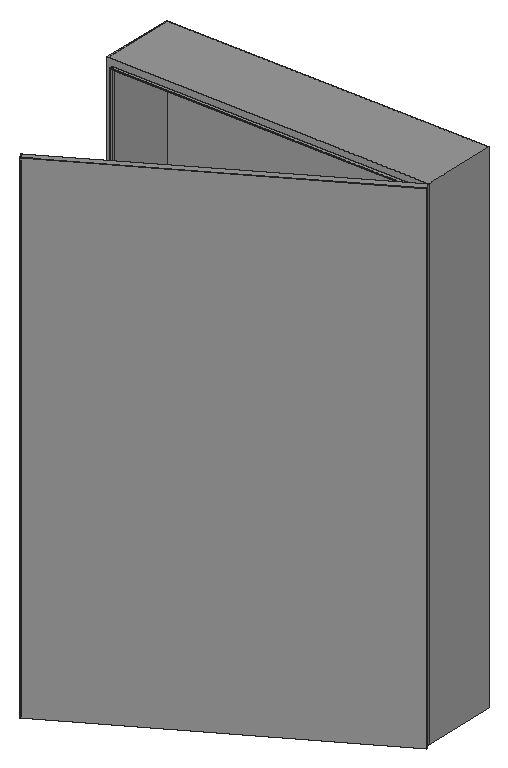
Revit family "Hager-Univers-IP44-D205-H1250-Cl.II-Encl-NoHosted-DE-de", category Equipement électrique, Revit 2020
Family settings
  Configuration du panneau = Deux colonnes, circuits au sein
  Cote de connecteur circulaire = Utiliser le diamètre
  Type d'élément = Tableau de raccordement
  Basée sur le plan de construction = Oui
  Toujours verticalement = Oui
  Couper avec des vides une fois chargée = Non
  Partagée = Non
  Point de calcul de pièce = Non
Parameters (values of type "Aufputz IP44 B800 H1250 T205  - FP83SN2")
  Width Control [instance] = if([EF000008 - Breite] > Min Width, [EF000008 - Breite], Min Width)  # 800 mm
  Commentaires du type = [HG000003 - Bereich]  # "Univers"
  Thickness Door [instance] = if([EF009171 - Materialstärke Tür/Deckel] > 3 mm, 3 mm, [EF009171 - Materialstärke Tür/Deckel])  # 1 mm
  Seal Frame Offset [instance] = 17 mm  # constant formula
  Plinth Visibility [instance] = [HG000027 - Sockelhöhe] > 0 mm  # no
  Min Width [instance] = 100 mm  # constant formula
  Min Depth [instance] = (2 * [EF009170 - Materialstärke Gehäuse]) + 1 mm  # 3 mm
  Min Height [instance] = 100 mm  # constant formula
  Internal Frame Depth [instance] = (Door System Depth * 0.5)  # 9 mm
  Panel Name [instance] = ""  # (empty or 0)
  Model = ""
  HG000027 - Sockelhöhe = 0 mm
  HG000026 - Stehend auf dem Boden = no
  HG000024 - Höhe des unteren Teils = 600 mm
  HG000023 - Gehäuse mit doppeltem Querschnitt = no
  HG000016 - 3D-Türsichtbarkeit [instance] = yes
  HG000015 - Sichtbarkeit der Türöffnung [instance] = no
  HG000014 - Tür rechts [instance] = yes
  HG000013 - Tür links [instance] = not([HG000014 - Tür rechts])  # no
  HG000012 - Türschwenkwinkel [instance] = 30.00°
  HG000010 - Asymmetrische Türen = no
  HG000009 - Doppelflügeligen Tür = no
  HG000006 - Unterputz = no
  HG000004 - Herstellerreferenz = "FP83SN2"
  HG000003 - Bereich = "Univers"
  HG000002 - Mit tür = yes
  Frame Offset Bottom [instance] = 10 mm  # constant formula
  Frame Offset [instance] = 15 mm  # constant formula
  EF015940 - Deckel mit Überdruckentlastung = no
  EF011959 - Schutzart (NEMA) = ""
  EF009554 - Anzahl der Öffnungen für Flanschplatten = 6
  EF009212 - Ausführung Deckel = "EV000116 - geschlossen"
  EF009171 - Materialstärke Tür/Deckel = 1 mm
  EF009170 - Materialstärke Gehäuse = 1 mm
  EF008873 - Nennstrom (In) = 250 A
  EF007800 - Geeignet für Blitzschutz = no
  EF006306 - Mit Schloss = no
  EF006244 - Transparenter Deckel/Tür = no
  EF005474 - Schutzart (IP) = "EV006418 - IP44"
  EF004464 - Art der Tür = "EV002646 - Einzel"
  EF004427 - Anzahl der Module = 288
  EF004293 - Schlagfestigkeit = "EV006815 - IK09"
  EF003532 - Geeignet für Außengebrauch = no
  EF002950 - Breite in Teilungseinheiten = 36
  EF001613 - Funktionserhalt = "EV000494 - ohne"
  EF001596 - Werkstoff des Gehäuses = "EV000179 - Stahl"
  EF001131 - Innentiefe = 130 mm
  EF001088 - Anbaumöglichkeit = yes
  EF000437 - Anzahl der Leitungseinführungen = 6
  EF000339 - Art der Abdeckung = "EV004216 - Tür"
  EF000266 - Anzahl der Reihen = 8
  EF000218 - Einbautiefe = 205 mm
  EF000118 - Mit Montageplatte = no
  EF000116 - RAL-Nummer = "9010"
  EF000049 - Tiefe = 205 mm
  EF000040 - Höhe = 1250 mm
  EF000008 - Breite = 800 mm
  EF000007 - Farbe = "EV000202 - weiß"
  EF000003 - Montageart = "EV000384 - Aufputz"
  Door System Leaf Tolerance [instance] = 1.5 mm  # constant formula
  Door System Depth [instance] = 18 mm  # constant formula
  Door Height [instance] = Height Control - [HG000027 - Sockelhöhe]  # 1250 mm
  Description = ""
  Default Elevation = 1219.2 mm
  Connector Offset [instance] = Height Control / 2  # 625 mm
  Fabricant = "Hager"  # constant formula
  Height Control [instance] = if([EF000040 - Höhe] > Min Height, [EF000040 - Höhe], Min Height)  # 1250 mm
  Depth Control [instance] = if([EF000049 - Tiefe] > Min Depth, [EF000049 - Tiefe], Min Depth)  # 205 mm
  Bottom Top Plate Trim [instance] = 1.5 mm  # constant formula
  Plinth height Ctrl [instance] = if([HG000027 - Sockelhöhe] > 0 mm, [HG000027 - Sockelhöhe], 12 mm)  # 12 mm
Types (5, lengths in mm): name | Width Control | HG000010 - Asymmetrische Türen | HG000009 - Doppelflügeligen Tür | HG000004 - Herstellerreferenz | EF009554 - Anzahl der Öffnungen für Flanschplatten | EF004464 - Art der Tür | EF004427 - Anzahl der Module | EF002950 - Breite in Teilungseinheiten | EF001131 - Innentiefe | EF000437 - Anzahl der Leitungseinführungen | EF000339 - Art der Abdeckung | EF000008 - Breite
  Aufputz IP44 B1050 H1250 T205  - FP84SN2 | 1050 | no | yes | "FP84SN2" | 8 | "EV003602 - Doppel" | 384 | 48 | 130 | 8 | "EV004216 - Tür" | 1050
  Aufputz IP44 B1300 H1250 T205  - FP85SN2 | 1300 | yes | yes | "FP85SN2" | 10 | "EV003602 - Doppel" | 480 | 60 | 130 | 10 | "EV004216 - Tür" | 1300
  Aufputz IP44 B300 H1250 T205  - FP81SN2 | 300 | no | no | "FP81SN2" | 2 | "EV002646 - Einzel" | 96 | 12 | 143 | 2 | "EV001012 - Deckel" | 300
  Aufputz IP44 B550 H1250 T205  - FP82SN2 | 550 | no | no | "FP82SN2" | 4 | "EV002646 - Einzel" | 192 | 24 | 143 | 4 | "EV001012 - Deckel" | 550
  Aufputz IP44 B800 H1250 T205  - FP83SN2 | 800 | no | no | "FP83SN2" | 6 | "EV002646 - Einzel" | 288 | 36 | 130 | 6 | "EV004216 - Tür" | 800
Reference planes
  plane 1 "Center (Front/Back)": y = 0
  plane 2: z = 0
  plane 3 "Center (Left/Right)": x = 0
  plane 4: y = 0
  plane 5: y = 0
  plane 6: z = 0
  plane 7: x = -400
  plane 8: x = 400
  plane 9: x = 399
  plane 10: x = -399
  plane 11: z = 0
  plane 12: z = 1
  plane 13: y = -205
  plane 14: y = -1
  plane 15: x = 0
  plane 16: y = -187
  plane 17: y = -204
  plane 18: y = -186
  plane 19: x = -384
  plane 20: x = 384
  plane 21: z = 11
  plane 22: x = -383
  plane 23: x = 383
  plane 24: z = 0
  plane 25: z = 1250
  plane 26: z = 1250
  plane 27: z = 1234
  plane 28: z = 1249
Forms (mm)
  Extrusion 1, solid, material "Hager_Steel_RAL7035_Light_Grey", detail levels medium+fine
    sketch origin (-208.679, -4572, 0) x (-1, 0, 0) y (0, -1, 0)
      loop
        line (191.321, -4385) -> (-608.679, -4385) -> (-608.679, -4572) -> (191.321, -4572) -> (191.321, -4385)
    from 0 to 1250
  Extrusion 2, void
    sketch origin (-350.771, -205, 1219.2) x (1, 0, 0) y (0, 0, 1)
      loop
        line (-48.229, 29.8) -> (-48.229, -1218.2) -> (749.771, -1218.2) -> (749.771, 29.8) -> (-48.229, 29.8)
    from -19 to -204
  Extrusion 3, void
    sketch origin (-290.084, -187, 1219.2) x (1, 0, 0) y (0, 0, 1)
      loop
        line (-93.916, -1208.2) -> (674.084, -1208.2) -> (674.084, 14.8) -> (-93.916, 14.8) -> (-93.916, -1208.2)
    from 0 to -1
  Extrusion 4, solid, material "Hager_Steel_RAL7035_Light_Grey", visible <- "Plinth Visibility", detail levels medium+fine
    sketch origin (0, 0, 0) x (1, 0, 0) y (0, 1, 0)
      loop
        line (-400, 0) -> (-400, -187) -> (400, -187) -> (400, 0) -> (-400, 0)
    from 0 to 12 <- "Plinth height Ctrl"
  Extrusion 5, solid, material "Hager_Steel_RAL7035_Light_Grey", detail levels coarse
    sketch origin (0, 0, 0) x (1, 0, 0) y (0, 1, 0)
      loop
        line (-400, 0) -> (-400, -205) -> (400, -205) -> (400, 0) -> (-400, 0)
    from 0 to 1250 <- "Height Control"
  Sweep 6, void
    path in 3D
      loop
        line (-400, -187, 12) -> (400, -187, 12) -> (400, 0, 12) -> (-400, 0, 12) -> (-400, -187, 12)
    profile origin (-400, -93.5, 12) x (1, 0, 0) y (0, 0, 1)
      loop
        line (0, 0) -> (0, -1.5) -> (1.5, -1.5)
        arc (1.5, -1.5) -> (1.061, -0.439) -> (0, 0) r 1.5
  Extrusion 7, solid, material "Hager_Steel_RAL7035_Light_Grey", detail levels fine
    sketch origin (-400, -187, 0) x (1, 0, 0) y (0, 0, 1)
      loop
        line (16, 11) -> (784, 11) -> (784, 1234) -> (16, 1234) -> (16, 11)
      loop
        line (15, 10) -> (785, 10) -> (785, 1235) -> (15, 1235) -> (15, 10)
    from 0 to 9 <- "Internal Frame Depth"
Cuts and joins
  Extrusion 2, Extrusion 3 cuts Extrusion 1
  Sweep 6 cuts Extrusion 4
Lines and regions (mm)
  Masking region 1
    outline origin (0, 0, 0) x (1, 0, 0) y (0, 1, 0)
      loop
        line (-400, 0) -> (-400, -205) -> (400, -205) -> (400, 0) -> (-400, 0)
  Masking region 2, detail levels coarse
    outline origin (-290.084, -187, 1219.2) x (-1, 0, 0) y (0, 0, 1)
      loop
        line (-690.084, -1219.2) -> (109.916, -1219.2) -> (109.916, 30.8) -> (-690.084, 30.8) -> (-690.084, -1219.2)
  Masking region 3, detail levels coarse
    outline origin (0, 0, 0) x (0, 1, 0) y (0, 0, 1)
      loop
        line (0, 0) -> (0, 1250) -> (-205, 1250) -> (-205, 0) -> (0, 0)
  Masking region 4, visible <- "Plinth Visibility", detail levels medium+fine
    outline origin (0, 0, 0) x (0, 1, 0) y (0, 0, 1)
      loop
        line (-1.5, 12) -> (-185.5, 12)
        arc (-185.5, 12) -> (-185.939, 10.939) -> (-187, 10.5) r 1.5
        line (-187, 10.5) -> (-187, 0) -> (0, 0) -> (0, 10.5)
        arc (0, 10.5) -> (-1.061, 10.939) -> (-1.5, 12) r 1.5
  Masking region 5, detail levels medium+fine
    outline origin (0, 0, 594.038) x (0, 1, 0) y (0, 0, 1)
      loop
        line (0, -594.038) -> (0, 655.962) -> (-187, 655.962) -> (-187, -594.038) -> (0, -594.038)
  Masking region 6, detail levels medium+fine
    outline origin (-359.7, -187, 1211.883) x (-1, 0, 0) y (0, 0, 1)
      loop
        line (-759.7, -1211.883) -> (40.3, -1211.883) -> (40.3, 38.117) -> (-759.7, 38.117) -> (-759.7, -1211.883)
  Masking region 7, visible <- "Plinth Visibility", detail levels medium+fine
    outline origin (-320.334, -187, 1041.368) x (-1, 0, 0) y (0, 0, 1)
      loop
        line (-720.334, -1041.368) -> (79.666, -1041.368) -> (79.666, -1030.868)
        arc (79.666, -1030.868) -> (78.606, -1030.429) -> (78.166, -1029.368) r 1.5
        line (78.166, -1029.368) -> (-718.834, -1029.368)
        arc (-718.834, -1029.368) -> (-719.273, -1030.429) -> (-720.334, -1030.868) r 1.5
        line (-720.334, -1030.868) -> (-720.334, -1041.368)
  sketch lines
    curve 1: line (-400, 0, 12) -> (-400, -187, 12)
    curve 2: line (-400, -187, 12) -> (400, -187, 12)
    curve 3: line (400, 0, 12) -> (-400, 0, 12)
    curve 4: line (400, -187, 12) -> (400, 0, 12)
Dimensions and locks
  locked: plane 1 "Center (Front/Back)" to plane 5
  "EF009170 - Materialstärke Gehäuse": plane 7 to plane 10
  "EF009170 - Materialstärke Gehäuse": plane 8 to plane 9
  equal spacing: plane 7, plane 3 "Center (Left/Right)", plane 8
  "Width Control": plane 7 to plane 8
  "Depth Control": plane 4 to plane 13
  "EF009170 - Materialstärke Gehäuse": plane 4 to plane 14
  "Height Control": plane 25 to level
  "HG000027 - Sockelhöhe": plane 11 to level
  "EF009170 - Materialstärke Gehäuse": plane 12 to plane 11
  "EF009170 - Materialstärke Gehäuse": plane 17 to plane 13
  "EF009170 - Materialstärke Gehäuse": plane 18 to plane 16
  "Frame Offset Bottom": plane 21 to plane 12
  "Frame Offset": plane 10 to plane 19
  "Frame Offset": plane 9 to plane 20
  "Door System Depth": plane 16 to plane 13
  "Seal Frame Offset": plane 7 to plane 22
  "Seal Frame Offset": plane 8 to plane 23
  "EF009170 - Materialstärke Gehäuse": plane 26 to plane 28
  "Frame Offset": plane 28 to plane 27
  "Connector Offset": plane 2 to connector elem
  "Bottom Top Plate Trim": profile plane to Sweep 6 sketch curve
  "Bottom Top Plate Trim": Sweep 6 sketch curve to Sweep 6 sketch curve
  "Plinth height Ctrl": Masking region 4 sketch curve to level
  "Plinth height Ctrl": Masking region 7 sketch curve to level
  "Thickness Door": Extrusion 7 sketch curve to Extrusion 7 sketch curve  (x4)
  "Bottom Top Plate Trim": radius of Sweep 6 sketch curve
  "Bottom Top Plate Trim": radius of Masking region 4 sketch curve  (x2)
  "Bottom Top Plate Trim": radius of Masking region 7 sketch curve  (x2)
  aligned and locked: Extrusion 2 sketch curve to plane 12
  aligned and locked: Extrusion 2 sketch curve to plane 9
  aligned and locked: Extrusion 2 sketch curve to plane 10
  aligned and locked: Extrusion 2 to plane 14
  aligned and locked: Extrusion 1 sketch curve to plane 4
  aligned and locked: plane 8 to Extrusion 1 sketch curve
  aligned and locked: plane 7 to Extrusion 1 sketch curve
  aligned and locked: Extrusion 2 to plane 18
  aligned and locked: Extrusion 3 sketch curve to plane 19
  aligned and locked: plane 20 to Extrusion 3 sketch curve
  aligned and locked: Extrusion 3 to Extrusion 2
  aligned and locked: Extrusion 3 sketch curve to plane 21
  aligned and locked: plane 3 "Center (Left/Right)" to nested 1
  aligned and locked: Extrusion 1 sketch curve to plane 16
  aligned and locked: Extrusion 4 sketch curve to cut or joined group of Extrusion 1, Extrusion 2, Extrusion 3
  aligned and locked: Masking region 1 sketch curve to plane 7
  aligned and locked: Masking region 1 sketch curve to plane 5
  aligned and locked: Masking region 1 sketch curve to plane 8
  aligned and locked: Masking region 2 sketch curve to level
  aligned and locked: level to Masking region 3 sketch curve
  aligned and locked: plane 1 "Center (Front/Back)" to Masking region 3 sketch curve
  aligned and locked: plane 13 to Masking region 3 sketch curve
  aligned and locked: plane 5 to Masking region 4 sketch curve
  aligned and locked: Masking region 2 sketch curve to plane 8
  aligned and locked: Masking region 2 sketch curve to plane 7
  aligned and locked: plane 7 to nested 2
  aligned and locked: nested 2 to plane 5
  aligned and locked: plane 5 to Masking region 5 sketch curve
  aligned and locked: plane 26 to Masking region 5 sketch curve
  aligned and locked: Extrusion 5 sketch curve to plane 8
  aligned and locked: Extrusion 5 sketch curve to plane 7
  aligned and locked: Extrusion 5 sketch curve to plane 5
  aligned and locked: Extrusion 3 sketch curve to plane 27
  aligned and locked: Extrusion 2 sketch curve to plane 28
  aligned and locked: Masking region 2 to plane 25
  aligned and locked: Extrusion 4 to plane 16
  aligned and locked: profile plane to Sweep 6 sketch curve
  aligned and locked: Masking region 5 sketch curve to plane 24
  aligned and locked: level to Masking region 4 sketch curve
  aligned and locked: Masking region 1 to plane 13
  aligned and locked: nested 1 to plane 16
  aligned and locked: Masking region 3 to plane 25
  aligned and locked: plane 16 to Masking region 4 sketch curve
  aligned and locked: Masking region 5 sketch curve to plane 16
  aligned and locked: plane 24 to plane 11
  aligned and locked: plane 26 to plane 25
  aligned and locked: plane 26 to cut or joined group of Extrusion 1, Extrusion 2, Extrusion 3
  aligned and locked: nested 1 to plane 24
  aligned and locked: Extrusion 1 to Extrusion 3
  aligned and locked: Masking region 6 sketch curve to plane 8
  aligned and locked: Masking region 6 sketch curve to plane 24
  aligned and locked: Masking region 6 sketch curve to plane 7
  aligned and locked: Masking region 6 sketch curve to plane 26
  aligned and locked: Masking region 7 sketch curve to plane 7
  aligned and locked: level to Masking region 7 sketch curve
  aligned and locked: Masking region 7 sketch curve to plane 8
  aligned and locked: Extrusion 7 sketch curve to cut or joined group of Extrusion 1, Extrusion 2, Extrusion 3  (x4)
Automatic sketch dimensions
  plane 19 to Extrusion 3 sketch curve = 0 mm
  Extrusion 3 sketch curve to plane 20 = 0 mm
  Extrusion 3 sketch curve to plane 21 = 0 mm
  Extrusion 4 sketch curve to plane 7 = 0 mm
  Extrusion 4 sketch curve to plane 8 = 0 mm
  Extrusion 4 sketch curve to plane 16 = 0 mm
  Masking region 1 sketch curve to plane 13 = 0 mm
  Masking region 2 sketch curve to plane 25 = 0 mm
  Masking region 3 sketch curve to plane 25 = 0 mm
  Extrusion 5 sketch curve to plane 13 = 0 mm
  profile plane to Sweep 6 sketch curve = 0 mm
Nested families
  nested 1: "EC000058_Univers_Door" at (0, -187, 0), Double <- "HG000009 - Doppelflügeligen Tür", Transparent <- "EF006244 - Transparenter Deckel/Tür", Angle <- "HG000012 - Türschwenkwinkel", Door_Right <- "HG000014 - Tür rechts", Assymetrical <- "HG000010 - Asymmetrische Türen", Door <- "HG000002 - Mit tür", Width_Ctrl <- "Width Control", 3d_Door <- "HG000016 - 3D-Türsichtbarkeit", Clearance <- "HG000015 - Sichtbarkeit der Türöffnung", Door_Left <- "HG000013 - Tür links", Width <- "Width Control", Door_Depth <- "Door System Depth", Leaf_Tolerance <- "Door System Leaf Tolerance", Height <- "Door Height", Lock_Visibility <- "EF006306 - Mit Schloss", Thickness <- "Thickness Door", type "EC000058_Univers_Door", detail levels medium+fine
    with min_wh 3 mm, Width_Ctrl 800 mm, Width 800 mm, Transparent no, Thickness 1 mm, Seal_Material Hager_Rubber, Lock_Visibility no, Lock_Material Hager_Plastic_RAL9005_Jet_Black, Leaf_Width 800 mm, Leaf_Tolerance_External_Sides 0 mm, Leaf_Tolerance 1.5 mm, Leaf_Offset 0 mm, Leaf_Height 1247 mm, Leaf_2_Width 800 mm, Leaf_2_Offset 400 mm, Leaf_1_Width 800 mm, Leaf_1_Offset 400 mm, Height_Ctrl 1250 mm, Height 1250 mm, Glass_Material Hager_Glass, Double_Clearance_Ctrl no, Double no, Door_Right_Ctrl yes, Door_Right yes, Door_Material Hager_Steel_RAL7035_Light_Grey, Door_Left_Ctrl no, Door_Left no, Door_Depth 18 mm, Door yes, Clearance_Material Hager_Clearance, Clearance_Depth 800 mm, Clearance_Ctrl no, Clearance no, Assymetrical no, Angle 30.00°, 3d_Door yes
  nested 2: "Hager_Enclosure_Symbol" at (-400, 0, 0), Height <- "Depth Control", Width <- "Width Control", type "Hager_Enclosure_Symbol"
    with Width_Ctrl 800 mm, Width 800 mm, Height_Ctrl 205 mm, Height 205 mm, A_Width_Int 13.453 mm, A_Width 161.438 mm, A_Height_Ctrl 179.375 mm, A_Height 179.375 mm
Connectors
  electrical at (0, 0, 625)
    settings: on plane 1 "Center (Front/Back)", index 1, voltage 0 V, apparent load 0 VA, apparent load phase1 0 VA, apparent load phase2 0 VA, apparent load phase3 0 VA, power factor 1, load classification "Other", number of poles 1, system type 30, power factor state 1, is connector primary yes, connector utility no, sub classification motor no, connector description ""
Definition of nested family "EC000058_Univers_Door"
  Parameters (values of type "EC000058_Univers_Door")
    min_wh [instance] = (2 * Thickness) + 1 mm  # 11 mm
    Width_Ctrl [instance] = 400 mm
    Width [instance] = 500 mm
    Transparent [instance] = yes
    Thickness [instance] = 5 mm
    Seal_Material [instance] = none
    Lock_Visibility [instance] = yes
    Lock_Material [instance] = none
    Leaf_Width [instance] = if((Width_Ctrl - 2 * Leaf_Tolerance_External_Sides) > 0 mm, (Width_Ctrl - 2 * Leaf_Tolerance_External_Sides), min_wh)  # 400 mm
    Leaf_Tolerance_External_Sides [instance] = 0 mm  # constant formula
    Leaf_Tolerance [instance] = 1.5 mm
    Leaf_Offset [instance] = 0 mm  # constant formula
    Leaf_Height [instance] = if((Height_Ctrl - 2 * Leaf_Tolerance) > 0 mm, (Height_Ctrl - 2 * Leaf_Tolerance), min_wh)  # 497 mm
    Leaf_2_Width [instance] = if(and(and(Double, Assymetrical), Door_Left), (Leaf_Width / 3) - (Leaf_Tolerance / 2), if(and(and(Double, Assymetrical), Door_Right), (Leaf_Width / 3) * 2 - (Leaf_Tolerance / 2), if(and(Double, not(Assymetrical)), (Leaf_Width / 2) - Leaf_Tolerance, Leaf_Width)))  # 400 mm
    Leaf_2_Offset [instance] = if(and(Double, Assymetrical), Leaf_2_Width / 2, if(and(Double, not(Assymetrical)), Leaf_Width / 4, Leaf_Width / 2))  # 200 mm
    Leaf_1_Width [instance] = if(and(and(Double, Assymetrical), Door_Right), (Leaf_Width / 3) - (Leaf_Tolerance / 2), if(and(and(Double, Assymetrical), Door_Left), (Width / 3) * 2 - (Leaf_Tolerance / 2), if(and(Double, not(Assymetrical)), (Leaf_Width / 2) - Leaf_Tolerance, Leaf_Width)))  # 400 mm
    Leaf_1_Offset [instance] = if(and(Double, Assymetrical), Leaf_1_Width / 2, if(and(Double, not(Assymetrical)), Leaf_Width / 4, Leaf_Width / 2))  # 200 mm
    Height_Ctrl [instance] = if(Height > min_wh, Height, min_wh)  # 500 mm
    Height [instance] = 500 mm
    Glass_Material [instance] = none
    Double_Clearance_Ctrl [instance] = and(Double, Clearance)  # no
    Double [instance] = no
    Door_Right_Ctrl [instance] = and(or(Door_Right, Double), Door)  # yes
    Door_Right [instance] = yes
    Door_Material [instance] = none
    Door_Left_Ctrl [instance] = and(or(Door_Left, Double), Door)  # no
    Door_Left [instance] = no
    Door_Depth [instance] = 30 mm
    Door [instance] = yes
    Default Elevation = 1219.2 mm
    Clearance_Material [instance] = none
    Clearance_Depth [instance] = if(Leaf_1_Width > Leaf_2_Width, Leaf_1_Width, Leaf_2_Width)  # 400 mm
    Clearance_Ctrl [instance] = and(not(Double), Clearance)  # yes
    Clearance [instance] = yes
    Assymetrical [instance] = yes
    Angle [instance] = 30.00°
    3d_Door [instance] = yes
  Reference planes
    plane 1 "Center (Front/Back)": y = 0
    plane 2 "Bottom": z = 0
    plane 3 "Center (Left/Right)": x = 0
    plane 4: z = 500
    plane 5: x = -200
    plane 6: x = 200
    plane 7: z = 500
    plane 8: x = -200
    plane 9: z = 0
    plane 10: x = 200
    plane 11: y = 0
    plane 12: z = 1.5
    plane 13: x = -600
    plane 14: y = -400
    plane 15: x = 600
    plane 16: x = 0
    plane 17: x = 0
    plane 18: x = -200
    plane 19: x = 200
    plane 20: z = 498.5
  Forms (mm)
    Extrusion 1, solid, material <- "Clearance_Material", visible <- "Double_Clearance_Ctrl"
      sketch origin (1200, 0, 0) x (1, 0, 0) y (0, 0, -1)
        loop
          line (-1800, -498.5) -> (-600, -498.5) -> (-600, 0) -> (-1800, 0) -> (-1800, -498.5)
      from 0 to -400
  Dimensions and locks
    equal spacing: plane 5, plane 3 "Center (Left/Right)", plane 6
    "Width_Ctrl": plane 5 to plane 6
    "Leaf_Offset": plane 5 to plane 8
    "Leaf_Offset": plane 6 to plane 10
    "Leaf_Offset": plane 9 to level
    "Leaf_Offset": plane 4 to plane 7
    "Height_Ctrl": plane 4 to level
    "Leaf_Tolerance": plane 12 to plane 9
    locked: plane 11 to plane 1 "Center (Front/Back)"
    "Leaf_1_Offset": plane 18 to plane 16
    "Leaf_2_Offset": plane 17 to plane 19
    "Leaf_1_Width": plane 13 to plane 8
    "Leaf_2_Width": plane 10 to plane 15
    "Clearance_Depth": plane 14 to plane 1 "Center (Front/Back)"
    "Leaf_Tolerance_External_Sides": plane 8 to plane 18
    "Leaf_Tolerance_External_Sides": plane 19 to plane 10
    "Leaf_Tolerance": plane 7 to plane 20
    aligned and locked: level to plane 2 "Bottom"
    aligned and locked: nested 1 to plane 16
    aligned and locked: nested 2 to plane 17
    aligned and locked: Extrusion 1 to plane 13
    aligned and locked: plane 15 to Extrusion 1
    aligned and locked: Extrusion 1 to plane 14
    aligned and locked: plane 12 to nested 1
    aligned and locked: nested 2 to plane 12
    aligned and locked: Extrusion 1 to plane 11
    aligned and locked: plane 20 to Extrusion 1
    aligned and locked: nested 2 to plane 11
    aligned and locked: nested 1 to plane 11
  Automatic sketch dimensions
    Extrusion 1 sketch curve to level = 0 mm
    plane 5 to Extrusion 1 sketch curve = 400 mm
    plane 6 to Extrusion 1 sketch curve = 400 mm
    Extrusion 1 sketch curve to plane 4 = 1.5 mm
  Nested families
    nested 1: "EC000058_Univers_Door_Leaf" at (0, 0, 1.5), Width <- "Leaf_1_Width", visible <- "Door_Left_Ctrl", Leaf_Height <- "Leaf_Height", Angle <- "Angle", 3d_Door <- "3d_Door", Transparent <- "Transparent", Clearance Material <- "Clearance_Material", Clearance <- "Clearance_Ctrl", Door_Material <- "Door_Material", Glass_Material <- "Glass_Material", Door_Depth <- "Door_Depth", Lock_Material <- "Lock_Material", Seal_Material <- "Seal_Material", Lock_Visibility <- "Lock_Visibility", Thickness <- "Thickness", type "EC000058_Univers_Door_Leaf"
      with Width 400 mm, Transparent_Glass_Offset 30 mm, Transparent_Ctrl yes, Transparent yes, Thickness 5 mm, Standard no, Seal_Material none, Seal_D2 8 mm, Seal_D1 1 mm, Offset_Internal_Frame 10 mm, Lock_Width 20 mm, Lock_Visibility_3d yes, Lock_Visibility yes, Lock_Thickness_3 3 mm, Lock_Thickness_2 1 mm, Lock_Thickness_1 3 mm, Lock_Radius_Offset_2 16 mm, Lock_Radius_Offset_1 15 mm, Lock_Radius_2 5 mm, Lock_Radius 6 mm, Lock_Offset 5 mm, Lock_Material none, Lock_Height 80 mm, Lock_Cover_Top_Offset_2d 17 mm, Lock_Cover_Height -65 mm, Leaf_Height 497 mm, Internal_Seal_Thickness 8 mm, Internal_Seal_Depth_2 4.5 mm, Internal_Frame_Depth 25 mm, Glass_Thickness -1 mm, Glass_Offset -2 mm, Glass_Material none, Door_Material none, Door_Depth 30 mm, Clearance Material none, Clearance yes, Angle_Ctrl 30.00°, Angle 30.00°, 3d_Door yes
    nested 2: "EC000058_Univers_Door_Leaf" at (0, 0, 1.5) x (-1, 0, 0) z (0, 0, 1), Width <- "Leaf_2_Width", visible <- "Door_Right_Ctrl", Leaf_Height <- "Leaf_Height", Angle <- "Angle", 3d_Door <- "3d_Door", Transparent <- "Transparent", Clearance Material <- "Clearance_Material", Clearance <- "Clearance_Ctrl", Door_Material <- "Door_Material", Glass_Material <- "Glass_Material", Door_Depth <- "Door_Depth", Lock_Material <- "Lock_Material", Seal_Material <- "Seal_Material", Lock_Visibility <- "Lock_Visibility", Thickness <- "Thickness", type "EC000058_Univers_Door_Leaf"
      with Width 400 mm, Transparent_Glass_Offset 30 mm, Transparent_Ctrl yes, Transparent yes, Thickness 5 mm, Standard no, Seal_Material none, Seal_D2 8 mm, Seal_D1 1 mm, Offset_Internal_Frame 10 mm, Lock_Width 20 mm, Lock_Visibility_3d yes, Lock_Visibility yes, Lock_Thickness_3 3 mm, Lock_Thickness_2 1 mm, Lock_Thickness_1 3 mm, Lock_Radius_Offset_2 16 mm, Lock_Radius_Offset_1 15 mm, Lock_Radius_2 5 mm, Lock_Radius 6 mm, Lock_Offset 5 mm, Lock_Material none, Lock_Height 80 mm, Lock_Cover_Top_Offset_2d 17 mm, Lock_Cover_Height -65 mm, Leaf_Height 497 mm, Internal_Seal_Thickness 8 mm, Internal_Seal_Depth_2 4.5 mm, Internal_Frame_Depth 25 mm, Glass_Thickness -1 mm, Glass_Offset -2 mm, Glass_Material none, Door_Material none, Door_Depth 30 mm, Clearance Material none, Clearance yes, Angle_Ctrl 30.00°, Angle 30.00°, 3d_Door yes
  Definition of nested family "EC000058_Univers_Door_Leaf"
    Parameters (values of type "EC000058_Univers_Door_Leaf")
      Width [instance] = 2000 mm
      Transparent_Glass_Offset [instance] = 30 mm
      Transparent_Ctrl [instance] = and(Transparent, [3d_Door])  # yes
      Transparent [instance] = yes
      Thickness [instance] = 5 mm
      Standard [instance] = and(not(Transparent), [3d_Door])  # no
      Seal_Material [instance] = none
      Seal_D2 [instance] = 8 mm  # constant formula
      Seal_D1 [instance] = 1 mm  # constant formula
      Offset_Internal_Frame [instance] = 10 mm  # constant formula
      Lock_Width [instance] = 20 mm  # constant formula
      Lock_Visibility_3d [instance] = and(Lock_Visibility, [3d_Door])  # yes
      Lock_Visibility [instance] = yes
      Lock_Thickness_3 [instance] = 3 mm  # constant formula
      Lock_Thickness_2 [instance] = 1 mm  # constant formula
      Lock_Thickness_1 [instance] = 3 mm  # constant formula
      Lock_Radius_Offset_2 [instance] = Lock_Radius_Offset_1 + 1 mm  # 16 mm
      Lock_Radius_Offset_1 [instance] = 15 mm  # constant formula
      Lock_Radius_2 [instance] = Lock_Radius - 1 mm  # 5 mm
      Lock_Radius [instance] = 6 mm  # constant formula
      Lock_Offset [instance] = 5 mm  # constant formula
      Lock_Material [instance] = none
      Lock_Height [instance] = 80 mm  # constant formula
      Lock_Cover_Top_Offset_2d [instance] = Lock_Radius_Offset_2 + 1 mm  # 17 mm
      Lock_Cover_Height [instance] = -(Lock_Height - Lock_Radius_Offset_1)  # -65 mm
      Leaf_Height [instance] = 2720.336 mm
      Internal_Seal_Thickness [instance] = 8 mm  # constant formula
      Internal_Seal_Depth_2 [instance] = 4.5 mm  # constant formula
      Internal_Frame_Depth [instance] = if(Door_Depth - Thickness > 5 mm, Door_Depth - Thickness, 5 mm)  # 25 mm
      Glass_Thickness [instance] = if(Thickness > 15 mm, Glass_Offset + 10 mm, -1 mm)  # -1 mm
      Glass_Offset [instance] = if(Thickness > 15 mm, -(Thickness + 10 mm) / 2, -2 mm)  # -2 mm
      Glass_Material [instance] = none
      Door_Material [instance] = none
      Door_Depth [instance] = 30 mm
      Default Elevation = 0 mm
      Clearance Material [instance] = none
      Clearance [instance] = yes
      Angle_Ctrl [instance] = if(Angle > 180.00°, 180.00°, Angle)  # 90.00°
      Angle [instance] = 90.00°
      3d_Door [instance] = yes
    Reference planes
      plane 1 "Center (Front/Back)": y = 0
      plane 2: z = 0
      plane 3 "Center (Left/Right)": x = 0
      plane 4: y = 2000
      plane 5: x = -1000
      plane 6: x = 1000
      plane 7: x = -3000
      plane 8: z = 2720.336
      plane 9: z = 30
      plane 10: z = 2690.336
      plane 11: x = 970
      plane 12: x = -970
      plane 13: y = -3
      plane 14: z = 107.833
      plane 15: y = -5
      plane 16: y = -223.314
      plane 17: x = -1000
      plane 18: z = 1360.168
      plane 19: y = 30
    Forms (mm)
      Extrusion 1, solid, material <- "Clearance Material", visible <- "Clearance"
        sketch origin (0, 0, 0) x (1, 0, 0) y (0, 0, 1)
          loop
            line (-3000, 2720.336) -> (-3000, 0) -> (1000, 0) -> (1000, 2720.336) -> (-3000, 2720.336)
        from 0 to -2000
      Extrusion 2, solid, material <- "Door_Material", visible <- "Standard", detail levels medium+fine
        sketch origin (-1000, 0, 0) x (0, 1, 0) y (-1, 0, 0)
          loop
            line (0, 30) -> (0, 25) -> (2000, 25) -> (2000, 30) -> (0, 30)
        from 0 to 2720.336 <- "Leaf_Height"
      Extrusion 3, solid, material <- "Door_Material", visible <- "Transparent_Ctrl", detail levels medium+fine
        sketch origin (-1000, 0, 0) x (0, 1, 0) y (-1, 0, 0)
          loop
            line (0, 25) -> (2000, 25) -> (2000, 30) -> (0, 30) -> (0, 25)
        from 0 to 2720.336 <- "Leaf_Height"
      Extrusion 4, void
        sketch origin (-1025, 2000, 0) x (0, 1, 0) y (0, 0, -1)
          loop
            line (-30, -2690.336) -> (-30, -30) -> (-1970, -30) -> (-1970, -2690.336) -> (-30, -2690.336)
        from 0 to 5 <- "Thickness"
      Sweep 5, solid, material <- "Seal_Material", visible <- "Transparent_Ctrl", detail levels fine
        path in 3D
          loop
            line (-1025, 30, 30) -> (-1025, 30, 2690.336) -> (-1025, 1970, 2690.336) -> (-1025, 1970, 30) -> (-1025, 30, 30)
        profile origin (-1025, 1000, 30) x (1, 0, 0) y (0, 0, 1)
          loop
            line (0, 0) -> (0, -8) -> (1, -8) -> (1, 0) -> (0, 0)
      Extrusion 6, solid, material <- "Glass_Material", visible <- "Transparent_Ctrl", detail levels medium+fine
        sketch origin (-1030, 0, 0) x (0, 1, 0) y (0, 0, -1)
          loop
            line (1970, -2690.336) -> (1970, -30) -> (30, -30) -> (30, -2690.336) -> (1970, -2690.336)
        from -2 <- "Glass_Offset" to -1 <- "Glass_Thickness"
      Extrusion 7, solid, material <- "Door_Material", visible <- "3d_Door", detail levels medium+fine
        sketch origin (-1025, 2000, 0) x (0, -1, 0) y (0, 0, -1)
          loop
            line (0, -2720.336) -> (2000, -2720.336) -> (2000, 0) -> (0, 0) -> (0, -2720.336)
          loop
            line (1995, -5) -> (5, -5) -> (5, -2715.336) -> (1995, -2715.336) -> (1995, -5)
        from 0 to 25 <- "Internal_Frame_Depth"
      Sweep 8, solid, material <- "Seal_Material", visible <- "Transparent_Ctrl", detail levels fine
        path in 3D
          loop
            line (-1025, 0, 0) -> (-1025, 2000, 0) -> (-1025, 2000, 2720.336) -> (-1025, 0, 2720.336) -> (-1025, 0, 0)
        profile origin (-1025, 0, 1360.168) x (1, 0, 0) y (0, 1, 0)
          loop
            line (0, 10) -> (2.975, 10)
            arc (2.975, 10) -> (4.053, 10.447) -> (4.5, 11.525) r 1.525
            line (4.5, 11.525) -> (4.5, 16.527)
            arc (4.5, 16.527) -> (4.069, 17.569) -> (3.027, 18) r 1.473
            line (3.027, 18) -> (0, 18) -> (0, 10)
      Extrusion 9, solid, material <- "Lock_Material", visible <- "Lock_Visibility_3d", detail levels fine
        sketch origin (-1030, 0, 0) x (0, 1, 0) y (0, 0, -1)
          loop
            arc (1993.5, -1400.168) -> (1994.561, -1399.729) -> (1995, -1398.668) r 1.5
            line (1995, -1398.668) -> (1995, -1320.168) -> (1975, -1320.168) -> (1975, -1398.668)
            arc (1975, -1398.668) -> (1975.439, -1399.729) -> (1976.5, -1400.168) r 1.5
            line (1976.5, -1400.168) -> (1993.5, -1400.168)
        from 3 <- "Lock_Thickness_1" to 0
      Blend 10, solid, material <- "Lock_Material", visible <- "Lock_Visibility_3d", detail levels fine
        base sketch origin (-1033, 0, 0) x (0, 1, 0) y (0, 0, -1)
          loop
            line (1975, -1320.168) -> (1975, -1398.668)
            arc (1975, -1398.668) -> (1975.439, -1399.729) -> (1976.5, -1400.168) r 1.5
            line (1976.5, -1400.168) -> (1993.5, -1400.168)
            arc (1993.5, -1400.168) -> (1994.561, -1399.729) -> (1995, -1398.668) r 1.5
            line (1995, -1398.668) -> (1995, -1320.168) -> (1975, -1320.168)
        top sketch origin (-1033, 0, 0) x (0, 1, 0) y (0, 0, -1)
          loop
            line (1976, -1320.168) -> (1976, -1398.668)
            arc (1976, -1398.668) -> (1976.146, -1399.022) -> (1976.5, -1399.168) r 0.5
            line (1976.5, -1399.168) -> (1993.5, -1399.168)
            arc (1993.5, -1399.168) -> (1993.854, -1399.022) -> (1994, -1398.668) r 0.5
            line (1994, -1398.668) -> (1994, -1320.168) -> (1976, -1320.168)
        from 0 to 1 <- "Lock_Thickness_2"
      Blend 11, solid, material <- "Lock_Material", visible <- "Lock_Visibility_3d", detail levels fine
        base sketch origin (-1034, 0, 0) x (0, 1, 0) y (0, 0, -1)
          loop
            line (1978, -1320.168) -> (1978, -1384.168)
            arc (1978, -1384.168) -> (1985, -1391.168) -> (1992, -1384.168) r 7
            line (1992, -1384.168) -> (1992, -1320.168) -> (1978, -1320.168)
        top sketch origin (-1034, 0, 0) x (0, 1, 0) y (0, 0, -1)
          loop
            line (1991, -1320.168) -> (1979, -1320.168) -> (1979, -1383.168)
            arc (1979, -1383.168) -> (1985, -1389.168) -> (1991, -1383.168) r 6
            line (1991, -1383.168) -> (1991, -1320.168)
        from 0 to 3 <- "Lock_Thickness_3"
      Extrusion 12, solid, material <- "Lock_Material", visible <- "Lock_Visibility_3d", detail levels fine
        sketch origin (-1030, 1975, 1320.168) x (1, 0, 0) y (0, -1, 0)
          loop
            line (-7, -19) -> (-7, -1) -> (0, -1) -> (0, 0) -> (-8, 0) -> (-8, -20) -> (0, -20) -> (0, -19) -> (-7, -19)
        from 0 to -65 <- "Lock_Cover_Height"
      Extrusion 13, void
        sketch origin (-1038, 1995, 1320.168) x (-1, 0, 0) y (0, 0, -1)
          loop
            line (-5, -65) -> (0, -65) -> (-5, -60) -> (-5, -65)
        from 0 to 20 <- "Lock_Width"
      Extrusion 14, void
        sketch origin (-1038, 1975, 1320.168) x (0, -1, 0) y (0, 0, -1)
          loop
            circle (-10, -15.995) r 6
          loop
            circle (-10, -15.995) r 5
        from 0 to 2
      Extrusion 15, solid, material <- "Lock_Material", visible <- "Lock_Visibility_3d", detail levels medium
        sketch origin (-1030, 0, 0) x (0, 1, 0) y (0, 0, -1)
          loop
            arc (1993.5, -1400.168) -> (1994.561, -1399.729) -> (1995, -1398.668) r 1.5
            line (1995, -1398.668) -> (1995, -1320.168) -> (1975, -1320.168) -> (1975, -1398.668)
            arc (1975, -1398.668) -> (1975.439, -1399.729) -> (1976.5, -1400.168) r 1.5
            line (1976.5, -1400.168) -> (1993.5, -1400.168)
        from 8 to 0
    Cuts and joins
      Extrusion 4 cuts Extrusion 3
      Extrusion 13, Extrusion 14 cuts Extrusion 9
      Extrusion 14 cuts Blend 11
      Extrusion 13, Extrusion 14 cuts Extrusion 12
      joined: Extrusion 9, Blend 10, Blend 11, Extrusion 12
      Extrusion 14 cuts Extrusion 15
    Lines and regions (mm)
      Masking region 1, visible <- "Lock_Visibility", detail levels fine
        outline origin (0, 0, 0) x (0, 1, 0) y (0, 0, 1)
          loop
            line (30, 1320.168) -> (33, 1320.168) -> (33, 1400.168) -> (30, 1400.168) -> (30, 1320.168)
      Masking region 2, visible <- "Lock_Visibility", detail levels fine
        outline origin (0, 3.143, 0) x (0, 1, 0) y (0, 0, 1)
          loop
            line (29.857, 1354.168) -> (30.857, 1354.168) -> (30.857, 1366.168) -> (29.857, 1366.168) -> (29.857, 1354.168)
      Masking region 3, detail levels medium+fine
        outline origin (0, 0, 0) x (0, 1, 0) y (0, 0, 1)
          loop
            line (0, 0) -> (30, 0) -> (30, 2720.336) -> (0, 2720.336) -> (0, 0)
      Masking region 4, detail levels medium+fine
        outline origin (0, 0, 0) x (1, 0, 0) y (0, 0, 1)
          loop
            line (-1000, 2720.336) -> (-1000, 0) -> (1000, 0) -> (1000, 2720.336) -> (-1000, 2720.336)
      Masking region 5, visible <- "Lock_Visibility", detail levels fine
        outline origin (-47.116, 0, 0) x (1, 0, 0) y (0, 0, 1)
          loop
            arc (1024.616, 1399.168) -> (1023.556, 1398.729) -> (1023.116, 1397.668) r 1.5
            line (1023.116, 1397.668) -> (1023.116, 1320.168) -> (1041.116, 1320.168) -> (1041.116, 1397.668)
            arc (1041.116, 1397.668) -> (1040.677, 1398.729) -> (1039.616, 1399.168) r 1.5
            line (1039.616, 1399.168) -> (1024.616, 1399.168)
      Masking region 6, visible <- "Lock_Visibility", detail levels medium+fine
        outline origin (-25, 0, 0) x (1, 0, 0) y (0, 0, 1)
          loop
            arc (1001.5, 1400.168) -> (1000.439, 1399.729) -> (1000, 1398.668) r 1.5
            line (1000, 1398.668) -> (1000, 1320.168) -> (1020, 1320.168) -> (1020, 1398.668)
            arc (1020, 1398.668) -> (1019.561, 1399.729) -> (1018.5, 1400.168) r 1.5
            line (1018.5, 1400.168) -> (1001.5, 1400.168)
      Masking region 7, visible <- "Lock_Visibility", detail levels fine
        outline origin (-73.735, 0, 0) x (1, 0, 0) y (0, 0, 1)
          loop
            line (1051.735, 1382.168) -> (1065.735, 1382.168) -> (1065.735, 1384.168)
            arc (1065.735, 1384.168) -> (1058.735, 1391.168) -> (1051.735, 1384.168) r 7
            line (1051.735, 1384.168) -> (1051.735, 1382.168)
      Masking region 8, visible <- "Lock_Visibility", detail levels fine
        outline origin (-73.735, 0, 0) x (1, 0, 0) y (0, 0, 1)
          loop
            line (1052.735, 1382.168) -> (1064.735, 1382.168) -> (1064.735, 1383.168)
            arc (1064.735, 1383.168) -> (1058.735, 1389.168) -> (1052.735, 1383.168) r 6
            line (1052.735, 1383.168) -> (1052.735, 1382.168)
      Masking region 9, visible <- "Lock_Visibility", detail levels fine
        outline origin (-25, 0, 0) x (1, 0, 0) y (0, 0, 1)
          loop
            line (1020, 1320.168) -> (1020, 1382.168) -> (1000, 1382.168) -> (1000, 1320.168) -> (1020, 1320.168)
      Masking region 10, detail levels medium+fine
        outline origin (0, 0, 0) x (1, 0, 0) y (0, 0, 1)
          loop
            circle (985, 1335.144) r 6
      Masking region 11, detail levels fine
        outline origin (0, 0, 0) x (1, 0, 0) y (0, 0, 1)
          loop
            circle (985, 1335.144) r 5
      Masking region 12, visible <- "Lock_Visibility", detail levels fine
        outline origin (0, 12.767, 0) x (0, 1, 0) y (0, 0, 1)
          loop
            line (20.233, 1320.168) -> (21.233, 1320.168) -> (21.233, 1399.168) -> (20.233, 1400.168) -> (20.233, 1320.168)
      Masking region 13, visible <- "Lock_Visibility", detail levels fine
        outline origin (0, 13.767, -10) x (0, 1, 0) y (0, 0, 1)
          loop
            line (20.233, 1330.168) -> (23.233, 1330.168) -> (23.233, 1399.168) -> (20.233, 1402.168) -> (20.233, 1330.168)
      Masking region 14, visible <- "Lock_Visibility", detail levels fine
        outline origin (0, 12.767, -10) x (0, 1, 0) y (0, 0, 1)
          loop
            line (20.233, 1330.168) -> (25.233, 1330.168) -> (25.233, 1399.305) -> (20.233, 1394.305) -> (20.233, 1330.168)
      Masking region 15, visible <- "Lock_Visibility", detail levels medium
        outline origin (0, 0, 0) x (0, 1, 0) y (0, 0, 1)
          loop
            line (30, 1320.168) -> (38, 1320.168) -> (38, 1400.168) -> (30, 1400.168) -> (30, 1320.168)
      Masking region 16, visible <- "Lock_Visibility", detail levels fine
        outline origin (-1000, 0, 0) x (0, 1, 0) y (-1, 0, 0)
          loop
            line (1975, 30) -> (1995, 30) -> (1995, 38) -> (1975, 38) -> (1975, 30)
          loop
            line (1979, 37) -> (1976, 37) -> (1976, 34) -> (1978, 34) -> (1979, 37)
          loop
            line (1994, 37) -> (1991, 37) -> (1992, 34) -> (1994, 34) -> (1994, 37)
      Masking region 17, visible <- "Lock_Visibility", detail levels medium
        outline origin (-1000, 0, 0) x (0, 1, 0) y (-1, 0, 0)
          loop
            line (1975, 30) -> (1995, 30) -> (1995, 38) -> (1975, 38) -> (1975, 30)
      symbolic lines
        curve 1: line (1000, 0, 0) -> (-3000, 0, 0)
        curve 2: arc (1000, 0, 0) -> (-1000, 2000, 0) -> (-3000, 0, 0) r 2000
        curve 4: line (-1030, 0, 0) -> (-1030, 2000, 0)
      reference lines
        curve 3: line (-1000, 0, 0) -> (-1000, 2000, 0)
      symbolic lines, detail levels medium+fine
        curve 5: line (-1030, 2000, 0) -> (-1025, 2000, 0)
        curve 7: line (-1025, 0, 0) -> (-1030, 0, 0)
        curve 8: line (-1025, 0, 0) -> (-1000, 0, 0)
        curve 9: line (-1000, 0, 0) -> (-1000, 2000, 0)
        curve 10: line (-1000, 2000, 0) -> (-1025, 2000, 0)
      symbolic lines, detail levels fine
        curve 6: line (-1025, 2000, 0) -> (-1025, 0, 0)
      sketch lines
        curve 11: line (-1025, 0, 2720.336) -> (-1025, 0, 0)
        curve 12: line (-1025, 2000, 0) -> (-1025, 0, 0)
        curve 13: line (-1025, 2000, 2720.336) -> (-1025, 2000, 0)
        curve 14: line (-1025, 0, 2720.336) -> (-1025, 2000, 2720.336)
        curve 15: line (-1025, 1970, 30) -> (-1025, 30, 30)
        curve 16: line (-1025, 30, 30) -> (-1025, 30, 2690.336)
        curve 17: line (-1025, 1970, 2690.336) -> (-1025, 1970, 30)
        curve 18: line (-1025, 30, 2690.336) -> (-1025, 1970, 2690.336)
      symbolic lines, visible <- "Transparent", detail levels medium+fine
        curve 19: line (-970, 0, 2690.336) -> (970, 0, 2690.336)
        curve 20: line (-970, 0, 30) -> (-970, 0, 2690.336)
        curve 21: line (970, 0, 30) -> (-970, 0, 30)
        curve 22: line (970, 0, 2690.336) -> (970, 0, 30)
    Dimensions and locks
      "Width": plane 1 "Center (Front/Back)" to plane 4
      equal spacing: plane 5, plane 3 "Center (Left/Right)", plane 6
      "Width": plane 5 to plane 6
      "Width": plane 7 to plane 5
      "Leaf_Height": plane 8 to level
      "Width": curve 5 to curve 3
      "Width": curve 3 to curve 3
      plane 8 to plane 10 = 30 mm
      plane 9 to level = 30 mm
      plane 12 to plane 5 = 30 mm
      plane 6 to plane 11 = 30 mm
      Extrusion 1 to Extrusion 4 sketch curve = 30 mm
      "Transparent_Glass_Offset": curve 3 to Extrusion 4 sketch curve
      "Transparent_Glass_Offset": Extrusion 4 sketch curve to cut or joined group of Extrusion 3, Extrusion 4  (x2)
      cut or joined group of Extrusion 3, Extrusion 4 to Extrusion 6 sketch curve = 30 mm
      "Transparent_Glass_Offset": cut or joined group of Extrusion 3, Extrusion 4 to Extrusion 4 sketch curve
      "Thickness": curve 6 to curve 4
      "Thickness": Extrusion 7 sketch curve to Extrusion 7 sketch curve  (x4)
      "Door_Depth": curve 4 to curve 3
      "Offset_Internal_Frame": profile plane to Sweep 8 sketch curve
      "Internal_Seal_Thickness": Sweep 8 sketch curve to Sweep 8 sketch curve
      "Internal_Seal_Depth_2": profile plane to Sweep 8 sketch curve
      "Seal_D1": profile plane to Sweep 5 sketch curve
      "Seal_D2": profile plane to Sweep 5 sketch curve
      "Thickness": Extrusion 2 sketch curve to Extrusion 2 sketch curve
      equal spacing: Extrusion 9 sketch curve, plane 18, Extrusion 9 sketch curve  (x2)
      equal spacing: Masking region 1 sketch curve, plane 18, Masking region 1 sketch curve
      "Lock_Height": Masking region 1 sketch curve to Masking region 1 sketch curve
      "Lock_Radius": Masking region 2 sketch curve to plane 18 to Masking region 2 sketch curve
      Masking region 2 sketch curve to Masking region 1 = 1 mm
      "Door_Depth": plane 19 to plane 1 "Center (Front/Back)"
      "Lock_Thickness_1": Masking region 1 sketch curve to plane 19
      "Lock_Width": Extrusion 9 sketch curve to Extrusion 9 sketch curve
      "Lock_Height": Extrusion 9 sketch curve to Extrusion 9 sketch curve
      "Lock_Offset": cut or joined group of Extrusion 3, Extrusion 4 to Extrusion 9 sketch curve
      equal spacing: plane 8, plane 18, level
      "Lock_Radius_Offset_1": Blend 11 sketch curve to Blend 10
      locked: Blend 10 to Blend 11 sketch curve at 2  (x2)
      locked: var sketch to Blend 11 sketch curve at 1  (x2)
      "Lock_Radius_Offset_2": Blend 11 sketch curve to Blend 10
      locked: Extrusion 12 sketch curve to Extrusion 12 sketch curve at 1  (x3)
      Masking region 6 sketch curve to Masking region 6 sketch curve = 80 mm
      "Lock_Height": Masking region 6 sketch curve to Masking region 6 sketch curve
      "Lock_Width": Masking region 6 sketch curve to Masking region 6 sketch curve
      locked: Masking region 6 to Masking region 5 sketch curve at 1  (x3)
      locked: Masking region 5 to Masking region 7 sketch curve at 2  (x2)
      "Lock_Radius_Offset_1": Masking region 5 to Masking region 7 sketch curve
      "Lock_Radius_Offset_2": Masking region 5 to Masking region 8 sketch curve
      locked: Masking region 7 to Masking region 8 sketch curve at 1  (x2)
      "Lock_Cover_Top_Offset_2d": Masking region 5 to Masking region 9 sketch curve
      equal spacing: Masking region 9, Masking region 10 sketch curve, Masking region 9
      equal spacing: Masking region 9, Masking region 11 sketch curve, Masking region 9
      Extrusion 15 sketch curve to Extrusion 15 sketch curve = 80 mm
      "Lock_Width": Extrusion 15 sketch curve to Extrusion 15 sketch curve
      "Lock_Height": Extrusion 15 sketch curve to Extrusion 15 sketch curve
      equal spacing: Extrusion 15 sketch curve, plane 18, Extrusion 15 sketch curve
      "Lock_Thickness_3": Masking region 13 sketch curve to Masking region 13 sketch curve
      "Lock_Height": Masking region 12 sketch curve to Masking region 12 sketch curve
      locked: Masking region 13 sketch curve to Masking region 1 at 8
      locked: Masking region 14 sketch curve to Masking region 13 at 1
      locked: Masking region 14 sketch curve to Masking region 1 at 10.863
      "Lock_Height": Masking region 15 sketch curve to Masking region 15 sketch curve
      "Lock_Offset": Extrusion 15 sketch curve to cut or joined group of Extrusion 3, Extrusion 4
      "Lock_Offset": plane 6 to Masking region 6 sketch curve
      radius of Sweep 8 sketch curve = 1.525 mm
      radius of Sweep 8 sketch curve = 1.473 mm
      radius of Extrusion 9 sketch curve = 1.5 mm  (x2)
      "Lock_Radius": radius of Extrusion 14 sketch curve
      "Lock_Radius_2": radius of Extrusion 14 sketch curve
      "Lock_Radius": radius of Masking region 10 sketch curve
      "Lock_Radius_2": radius of Masking region 11 sketch curve
      radius of Extrusion 15 sketch curve = 1.5 mm  (x2)
      "Angle_Ctrl": angle plane 1 "Center (Front/Back)" to curve 3
      locked: Masking region 12 sketch curve to Masking region 12 sketch curve (angle 45.00°)
      locked: Masking region 13 sketch curve to Masking region 13 sketch curve (angle 45.00°)
      locked: Masking region 14 sketch curve to Masking region 14 sketch curve (angle 45.00°)
      aligned and locked: level to plane 2
      aligned and locked: Extrusion 1 to curve 1
      aligned and locked: plane 6 to Extrusion 1
      aligned and locked: Extrusion 1 to plane 1 "Center (Front/Back)"
      aligned and locked: plane 4 to Extrusion 1
      aligned and locked: plane 8 to Extrusion 1
      aligned and locked: curve 7 to Extrusion 2 sketch curve
      aligned and locked: curve 5 to Extrusion 2 sketch curve
      aligned and locked: curve 7 to Extrusion 3 sketch curve
      aligned and locked: Extrusion 3 sketch curve to curve 4
      aligned and locked: Extrusion 3 sketch curve to curve 6
      aligned and locked: Extrusion 3 sketch curve to curve 5
      aligned and locked: curve 9 to curve 3
      aligned and locked: Extrusion 7 sketch curve to cut or joined group of Extrusion 3, Extrusion 4  (x4)
      aligned and locked: plane 17 to curve 3
      aligned and locked: plane 1 "Center (Front/Back)" to curve 3
      aligned and locked: plane 17 to plane 5
      aligned and locked: Sweep 8 sketch curve to profile plane
      aligned and locked: Sweep 5 sketch curve to profile plane  (x2)
      aligned and locked: Masking region 1 to Masking region 2 sketch curve
      aligned and locked: plane 19 to Masking region 1 sketch curve
      aligned and locked: plane 1 "Center (Front/Back)" to Masking region 3 sketch curve
      aligned and locked: plane 19 to Masking region 3 sketch curve
      aligned and locked: level to Masking region 3 sketch curve
      aligned and locked: Masking region 3 sketch curve to plane 8
      aligned and locked: plane 17 to Masking region 4 sketch curve
      aligned and locked: level to Masking region 4 sketch curve
      aligned and locked: Masking region 4 sketch curve to plane 8
      aligned and locked: plane 12 to curve 20
      aligned and locked: plane 10 to curve 19
      aligned and locked: plane 11 to curve 22
      aligned and locked: curve 21 to plane 9
      aligned and locked: Extrusion 2 sketch curve to cut or joined group of Extrusion 3, Extrusion 4
      aligned and locked: Blend 10 sketch curve to Extrusion 9  (x4)
      aligned and locked: Extrusion 9 to Blend 10 sketch curve
      aligned and locked: Blend 10 to Blend 11 sketch curve
      aligned and locked: Extrusion 12 sketch curve to Blend 11
      aligned and locked: Extrusion 12 sketch curve to Extrusion 9  (x4)
      aligned and locked: Masking region 5 sketch curve to Masking region 6
      aligned and locked: Masking region 9 sketch curve to Masking region 6  (x3)
      aligned and locked: Masking region 12 sketch curve to Masking region 1
      aligned and locked: Masking region 13 sketch curve to Masking region 1
      aligned and locked: Masking region 12 to Masking region 14
      aligned and locked: Masking region 14 sketch curve to Masking region 1
      aligned and locked: Masking region 15 sketch curve to Masking region 14
      aligned and locked: Masking region 13 sketch curve to Masking region 12
      aligned and locked: Masking region 16 sketch curve to cut or joined group of Extrusion 14, Extrusion 15  (x4)
      aligned and locked: Masking region 16 sketch curve to cut or joined group of Extrusion 9, Blend 10, Blend 11, Extrusion 12, Extrusion 13, Extrusion 14  (x6)
      aligned and locked: cut or joined group of Extrusion 9, Blend 10, Blend 11, Extrusion 12, Extrusion 13, Extrusion 14 to Masking region 16 sketch curve
      aligned and locked: Masking region 17 sketch curve to cut or joined group of Extrusion 14, Extrusion 15  (x3)
      aligned and locked: Masking region 17 sketch curve to cut or joined group of Extrusion 9, Blend 10, Blend 11, Extrusion 12, Extrusion 13, Extrusion 14
      aligned and locked: Masking region 9 to Masking region 8 sketch curve
      aligned and locked: Masking region 9 to Masking region 7 sketch curve
    Automatic sketch dimensions
      plane 1 "Center (Front/Back)" to curve 2 = 0 mm
      curve 2 to plane 5 = 0 mm
      Extrusion 1 sketch curve to level = 0 mm
      Extrusion 1 sketch curve to plane 7 = 0 mm
      Extrusion 1 sketch curve to plane 6 = 0 mm
      Extrusion 1 sketch curve to plane 8 = 0 mm
      Extrusion 3 to Extrusion 6 sketch curve = 30 mm  (x4)
      Masking region 4 sketch curve to plane 6 = 0 mm
      Blend 10 sketch curve to Extrusion 9 = 1.5 mm
      Blend 10 sketch curve to Extrusion 9 = 1 mm
      Extrusion 13 sketch curve to Extrusion 12 = 0 mm  (x2)
      Extrusion 12 to Extrusion 13 sketch curve = 3 mm
      Extrusion 13 sketch curve to Extrusion 12 = 5 mm
      Extrusion 14 sketch curve to Extrusion 14 sketch curve = 0 mm  (x2)
      Extrusion 14 sketch curve to Extrusion 12 = 10 mm
      Extrusion 14 sketch curve to Extrusion 12 = 15.995 mm
      Masking region 5 sketch curve to Masking region 5 sketch curve = 1.5 mm  (x2)
      Masking region 10 sketch curve to plane 18 = 25.024 mm
      Masking region 11 sketch curve to plane 18 = 25.024 mm
      plane 19 to Masking region 14 sketch curve = 3 mm
      Masking region 16 sketch curve to Masking region 16 sketch curve = 3 mm
      curve 4 to curve 3 = 0 mm
      Blend 10 to Blend 11 sketch curve = 0 mm
      Masking region 6 sketch curve to Masking region 6 sketch curve = 1.5 mm  (x2)
      Masking region 6 sketch curve to plane 18 = 40 mm
      plane 19 to Masking region 12 sketch curve = 3 mm
      Masking region 12 sketch curve to Masking region 12 sketch curve = 1 mm
      Masking region 15 sketch curve to plane 19 = 0 mm
      Masking region 15 sketch curve to plane 18 = 40 mm
      radius of Blend 10 sketch curve to Extrusion 9 = 1 mm
Definition of nested family "Hager_Enclosure_Symbol"
  Parameters (values of type "Hager_Enclosure_Symbol")
    Width_Ctrl [instance] = if(Width > 1 mm, Width, 1 mm)  # 102.27 mm
    Width [instance] = 102.27 mm
    Height_Ctrl [instance] = if(Height > 1 mm, Height, 1 mm)  # 66.5 mm
    A_Width_Int [instance] = if(A_Width / 12 > 2 mm, A_Width / 12, 2 mm)  # 4.364 mm
    A_Width [instance] = if(A_Height_Ctrl * 0.9 > 2 mm, A_Height_Ctrl * 0.9, 2 mm)  # 52.369 mm
    A_Height_Ctrl [instance] = if(A_Height > 2 mm, A_Height, 2 mm)  # 58.188 mm
    Height [instance] = 66.5 mm
    A_Height [instance] = Height - (Height / 8)  # 58.188 mm
  Reference planes
    plane 1 "Centre (avant/arrière)": y = 0
    plane 2: z = 0
    plane 3 "Centre (gauche/droite)": x = 0
    plane 4: x = 52.369
    plane 5: y = 33.042
    plane 6: y = 41.77
    plane 7: y = 66.5
    plane 8: x = 26.184
    plane 9: y = 37.406
    plane 10: x = 102.27
    plane 11: y = 66.5
    plane 12: y = 8.313
  Lines and regions (mm)
    Filled region 1, type "Solid_Black", in view "Niveau de réf."
      outline origin (0, 0, 0) x (1, 0, 0) y (0, 1, 0)
        loop
          line (52.369, 66.5) -> (33.188, 54.536) -> (45.365, 45.006) -> (52.369, 66.5)
    Filled region 2, type "Solid_Black", in view "Niveau de réf."
      outline origin (0, 0, 0) x (1, 0, 0) y (0, 1, 0)
        loop
          line (0, 0) -> (102.27, 0) -> (102.27, 66.5) -> (0, 0)
    detail lines, in view "Niveau de réf."
      curve 1: line (0, 8.313, 0) -> (26.184, 41.77, 0)
      curve 2: line (26.184, 41.77, 0) -> (26.184, 33.042, 0)
      curve 3: line (26.184, 33.042, 0) -> (52.369, 66.5, 0)
  Dimensions and locks
    "A_Width": plane 3 "Centre (gauche/droite)" to plane 4
    equal spacing: plane 3 "Centre (gauche/droite)", plane 8, plane 4
    equal spacing: plane 6, plane 9, plane 5
    equal spacing: curve 3, Filled region 1 sketch curve, Filled region 1 sketch curve
    "Height_Ctrl": plane 1 "Centre (avant/arrière)" to plane 11
    "A_Height_Ctrl": plane 11 to plane 12
    equal spacing: plane 11, plane 9, plane 12
    "A_Width_Int": plane 6 to plane 9
    "Width_Ctrl": plane 3 "Centre (gauche/droite)" to plane 10
    angle Filled region 1 sketch curve to curve 3 = 20.00°
    angle curve 3 to Filled region 1 sketch curve = 20.00°
    locked: curve 3 to Filled region 1 sketch curve (angle 90.00°)
    aligned and locked: plane 10 to Filled region 2
    aligned and locked: plane 11 to Filled region 2 sketch curve
    aligned and locked: plane 10 to Filled region 2 sketch curve
    aligned and locked: plane 3 "Centre (gauche/droite)" to curve 1
    aligned and locked: plane 12 to curve 1
    aligned and locked: plane 7 to plane 11
  Automatic sketch dimensions
    Filled region 1 sketch curve to plane 4 = 0 mm
    Filled region 1 sketch curve to plane 7 = 0 mm
    plane 1 "Centre (avant/arrière)" to Filled region 2 sketch curve = 0 mm
    Filled region 2 sketch curve to plane 3 "Centre (gauche/droite)" = 0 mm
    curve 2 to plane 6 = 0 mm
    curve 2 to plane 8 = 0 mm
    curve 3 to plane 4 = 0 mm
    curve 2 to plane 5 = 0 mm
    curve 3 to plane 7 = 0 mm
